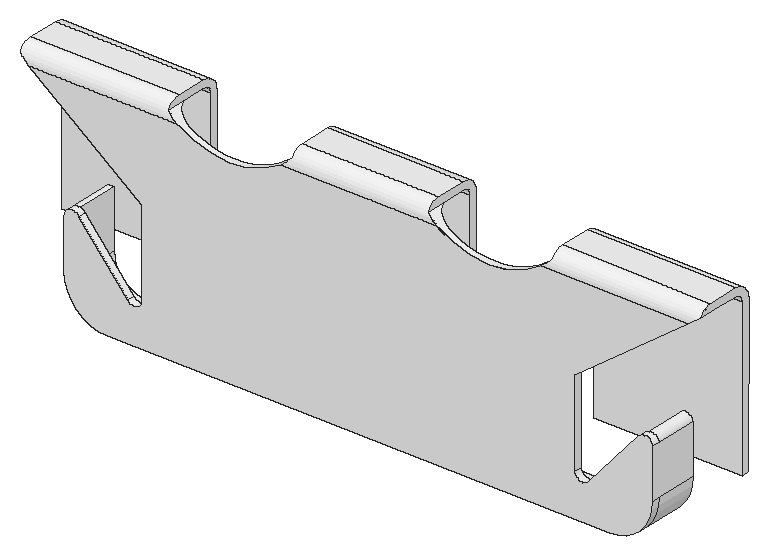
Revit family "wclip_10", category 機械設備, Revit 2022
Family settings
  丸型コネクタ寸法 = 直径を使用
  種別 = なし
  パーツ タイプ = 標準
  作業面ベース = いいえ
  常に垂直 = はい
  ロード時にボイドで切り取り = いいえ
  注釈の向きを維持 = いいえ
  共有 = いいえ
  部屋計算ポイント = いいえ
Parameters
  製造元 = "株式会社桐井製作所"
  既定の高さ = 0 mm
  URL = "https://www.kirii.co.jp/"
  K_品名 = "特殊10mmWクリップ"
  K_名称 = "特殊クリップ"
  K_入数 = "1000"
  K_バージョン情報 = "20211012"
Reference planes
  plane 1 "中心(正面/背面)": y = 0
  plane 2: z = 0
  plane 3 "中心(左/右)": x = 0
Forms (mm)
  Extrusion 1, solid
    sketch origin (0, 30, 0) x (0, 1, 0) y (0, 0, 1)
      loop
        line (-30, 0) -> (-29.4, -0.6) -> (-29.4, 16.75)
        arc (-29.4, 16.75) -> (-29.034, 17.634) -> (-28.15, 18) r 1.25
        line (-28.15, 18) -> (-26.25, 18)
        arc (-26.25, 18) -> (-25.79, 17.81) -> (-25.6, 17.35) r 0.65
        line (-25.6, 17.35) -> (-25.6, 4.129) -> (-25, 4.729) -> (-25, 17.35)
        arc (-25, 17.35) -> (-25.366, 18.234) -> (-26.25, 18.6) r 1.25
        line (-26.25, 18.6) -> (-28.75, 18.6)
        arc (-28.75, 18.6) -> (-29.634, 18.234) -> (-30, 17.35) r 1.25
        line (-30, 17.35) -> (-30, 0)
    from -27.5 to 27.5
  Extrusion 2, void
    sketch origin (0, 0, 0) x (1, 0, 0) y (0, 0, 1)
      loop
        line (-17.5, 10.5) -> (-27.5, 18) -> (-27.5, 0) -> (-20.3, 0)
        arc (-20.3, 0) -> (-22.775, 1.025) -> (-23.8, 3.5) r 3.5
        line (-23.8, 3.5) -> (-23.8, 7.5)
        arc (-23.8, 7.5) -> (-23.348, 8.097) -> (-22.65, 7.826) r 0.621
        line (-22.65, 7.826) -> (-18.65, 3.174)
        arc (-18.65, 3.174) -> (-17.952, 2.903) -> (-17.5, 3.5) r 0.621
        line (-17.5, 3.5) -> (-17.5, 10.5)
      loop
        line (17.5, 10.5) -> (17.5, 3.5)
        arc (17.5, 3.5) -> (17.952, 2.903) -> (18.65, 3.174) r 0.621
        line (18.65, 3.174) -> (22.65, 7.826)
        arc (22.65, 7.826) -> (23.329, 8.03) -> (23.8, 7.5) r 0.659
        line (23.8, 7.5) -> (23.8, 3.5)
        arc (23.8, 3.5) -> (22.775, 1.025) -> (20.3, 0) r 3.5
        line (20.3, 0) -> (27.5, 0) -> (27.5, 18.036) -> (17.5, 10.5)
    from -1.85 to 0.213
  Extrusion 3, void
    sketch origin (0, -0.6, -0.8) x (0, 1, 0) y (0, 0, 1)
      loop
        line (0.387, 0.8) -> (0.387, -0.064) -> (1.428, -0.064) -> (1.428, 0.8) -> (0.387, 0.8)
    from -27.5 to 27.5
  Extrusion 4, solid
    sketch origin (0, 0, 0) x (1, 0, 0) y (0, 0, 1)
      loop
        arc (-23.8, 3.5) -> (-22.775, 1.025) -> (-20.3, 0) r 3.5
        line (-20.3, 0) -> (20.3, 0)
        arc (20.3, 0) -> (22.775, 1.025) -> (23.8, 3.5) r 3.5
        line (23.8, 3.5) -> (23.8, 7.5)
        arc (23.8, 7.5) -> (23.517, 7.943) -> (23, 8.038) r 0.659
        line (23, 8.038) -> (23, 3.5)
        arc (23, 3.5) -> (22.209, 1.591) -> (20.3, 0.8) r 2.7
        line (20.3, 0.8) -> (-20.3, 0.8)
        arc (-20.3, 0.8) -> (-22.209, 1.591) -> (-23, 3.5) r 2.7
        line (-23, 3.5) -> (-23, 8.095)
        arc (-23, 8.095) -> (-23.549, 7.998) -> (-23.8, 7.5) r 0.621
        line (-23.8, 7.5) -> (-23.8, 3.5)
    from -4 to -0.6
  Extrusion 5, void
    sketch origin (0, -11.6, -15.017) x (0, 1, 0) y (0, 0, 1)
      loop
        line (15.7, 19.745) -> (15.7, 18.89) -> (16.88, 18.89) -> (16.88, 19.745) -> (15.7, 19.745)
    from -27.5 to 27.5
  Extrusion 6, void
    sketch origin (-10.419, 0, -0.611) x (1, 0, 0) y (0, 0, 1)
      loop
        arc (-5.081, 18.609) -> (-0.081, 16.609) -> (4.919, 18.609) r 7.25
        line (4.919, 18.609) -> (4.919, 19.969) -> (-5.081, 19.969) -> (-5.081, 18.609)
    from -3.583 to 0.213
  Extrusion 7, void
    sketch origin (-10.5, 0, 0) x (1, 0, 0) y (0, 0, 1)
      loop
        line (-5, 19.358) -> (-5, 4.729) -> (5, 4.729) -> (5, 19.358) -> (-5, 19.358)
    from -3.583 to -5.28
  Extrusion 8, void
    sketch origin (10.581, 0, -0.767) x (1, 0, 0) y (0, 0, 1)
      loop
        arc (-5.081, 18.767) -> (-0.081, 16.767) -> (4.919, 18.767) r 7.25
        line (4.919, 18.767) -> (4.919, 19.969) -> (-5.081, 19.969) -> (-5.081, 18.767)
    from -3.583 to 0.213
  Extrusion 9, void
    sketch origin (10.5, 0, 0) x (1, 0, 0) y (0, 0, 1)
      loop
        line (-5, 19.358) -> (-5, 4.729) -> (5, 4.729) -> (5, 19.358) -> (-5, 19.358)
    from -3.583 to -5.28
Cuts and joins
  Extrusion 2, Extrusion 3, Extrusion 5, Extrusion 6, Extrusion 7, Extrusion 8, Extrusion 9 cuts Extrusion 1
  Extrusion 6, Extrusion 7, Extrusion 8, Extrusion 9 cuts Extrusion 4
  joined: Extrusion 1, Extrusion 4
Dimensions and locks
  aligned and locked: level to plane 2
